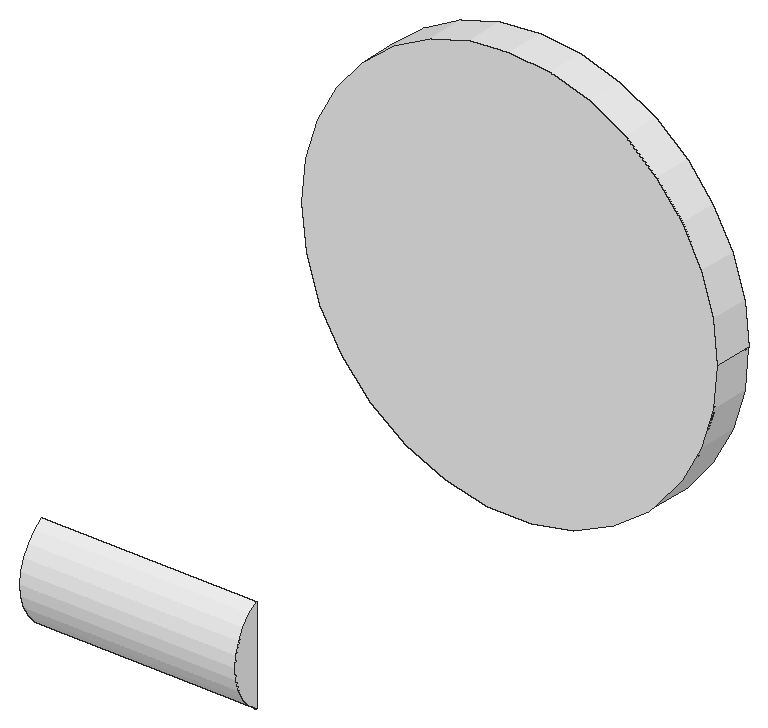
Revit family "Deca_Torneira para jardim e tanque com adaptador de mangueira_Torneira Uso Geral_1153.37", category Plumbing Fixtures, host Face, Revit 2019 (continued)
Lines and regions (mm)
  symbolic lines
    curve 342: line (0, -25.255, 107.553) -> (0, -23.47, 106.903)
    curve 343: line (0, -30.601, 79.702) -> (0, -32.577, 80.421)
    curve 344: line (0, -33.662, 78.9) -> (0, -35.448, 79.55)
    curve 345: line (0, -36.32, 79.271) -> (0, -44.544, 82.265)
    curve 346: line (0, -33.968, 111.32) -> (0, -25.744, 108.327)
    curve 347: line (0, -35.448, 79.55) -> (0, -25.255, 107.553)
    curve 348: line (0, -35.353, 110.803) -> (0, -45.272, 83.552)
    curve 349: line (0, -42.971, 91.334) -> (0, -38.593, 103.362)
    curve 350: line (0, -34.242, 110.568) -> (0, -26.024, 107.56)
    curve 351: line (0, -26.263, 106.907) -> (0, -34.487, 109.9)
    curve 352: line (0, -34.808, 109.523) -> (0, -26.257, 106.411)
    curve 353: line (0, -26.347, 106.162) -> (0, -34.898, 109.275)
    curve 354: line (0, -34.871, 108.849) -> (0, -26.63, 105.904)
    curve 355: line (0, -27.028, 104.817) -> (0, -35.252, 107.81)
    curve 356: line (0, -35.578, 107.406) -> (0, -27.027, 104.293)
    curve 357: line (0, -27.129, 104.015) -> (0, -35.68, 107.127)
    curve 358: line (0, -35.908, 106.501) -> (0, -27.356, 103.389)
    curve 359: line (0, -28.068, 101.977) -> (0, -36.291, 104.971)
    curve 360: line (0, -36.611, 104.569) -> (0, -28.06, 101.457)
    curve 361: line (0, -28.165, 101.168) -> (0, -36.716, 104.28)
    curve 362: line (0, -28.498, 100.252) -> (0, -36.995, 103.513)
    curve 363: line (0, -37.897, 101.376) -> (0, -29.174, 98.285)
    curve 364: line (0, -29.011, 97.996) -> (0, -38.107, 101.306)
    curve 365: line (0, -38.248, 100.071) -> (0, -29.697, 96.959)
    curve 366: line (0, -38.278, 99.545) -> (0, -30.054, 96.552)
    curve 367: line (0, -30.674, 94.86) -> (0, -38.897, 97.853)
    curve 368: line (0, -39.166, 97.548) -> (0, -30.615, 94.436)
    curve 369: line (0, -39.581, 96.41) -> (0, -31.03, 93.297)
    curve 370: line (0, -31.443, 92.758) -> (0, -39.667, 95.752)
    curve 371: line (0, -32.062, 91.066) -> (0, -40.286, 94.06)
    curve 372: line (0, -40.515, 93.841) -> (0, -31.964, 90.729)
    curve 373: line (0, -40.902, 92.778) -> (0, -32.351, 89.666)
    curve 374: line (0, -32.805, 89.037) -> (0, -41.029, 92.03)
    curve 375: line (0, -41.79, 90.34) -> (0, -33.293, 87.079)
    curve 376: line (0, -42.123, 89.425) -> (0, -33.572, 86.312)
    curve 377: line (0, -34.049, 85.641) -> (0, -42.273, 88.634)
    curve 378: line (0, -34.58, 84.19) -> (0, -42.768, 87.28)
    curve 379: line (0, -34.71, 83.186) -> (0, -43.261, 86.299)
    curve 380: line (0, -43.159, 86.577) -> (0, -34.608, 83.465)
    curve 381: line (0, -35.088, 82.801) -> (0, -43.312, 85.794)
    curve 382: line (0, -43.71, 84.706) -> (0, -35.469, 81.762)
    curve 383: line (0, -35.48, 81.069) -> (0, -44.031, 84.181)
    curve 384: line (0, -35.853, 80.711) -> (0, -44.077, 83.705)
    curve 385: line (0, -36.098, 80.043) -> (0, -44.316, 83.052)
    curve 386: line (0, -28.963, 97.66) -> (0, -38.36, 101.08)
    curve 387: arc (0, -25.255, 107.553) -> (0, -25.313, 108.068) -> (0, -25.759, 108.333) r 0.582
    curve 388: line (0, -23.47, 106.903) -> (0, -33.662, 78.9)
    curve 389: line (0, -23.633, 104.994) -> (0, -21.663, 104.277)
    curve 390: arc (0, -35.448, 79.55) -> (0, -35.836, 79.262) -> (0, -36.32, 79.271) r 0.748
    curve 391: line (0, -44.544, 82.265) -> (0, -45.272, 83.552)
    curve 392: line (0, -33.968, 111.32) -> (0, -35.353, 110.803)
    curve 393: line (0, -34.242, 110.568) -> (0, -44.316, 83.052)
    curve 394: line (0, -34.657, 110.783) -> (0, -44.656, 83.312)
    curve 395: line (0, -26.024, 107.56) -> (0, -36.098, 80.043)
    curve 396: line (0, -25.877, 92.699) -> (0, -30.622, 79.709)
    curve 397: arc (0, 10.127, 73.901) -> (0, -1.545, 90.161) -> (0, -19.464, 99.079) r 41.565
    curve 398: arc (0, -25.366, 81.223) -> (0, -18.679, 75.975) -> (0, -13.432, 69.289) r 35.505
    curve 399: arc (0, -13.432, 69.289) -> (0, -10.85, 62.777) -> (0, -10.56, 55.778) r 20.947
    curve 400: line (0, -10.56, 55.778) -> (0, -10.56, 10.459)
    curve 401: line (0, 26.329, 0) -> (0, -23.671, 0)
    curve 402: line (0, -25.366, 81.223) -> (0, -19.464, 99.079)
    curve 403: line (0, 7.49, 57.473) -> (0, 7.49, 52.236)
    curve 404: line (0, 7.49, 57.473) -> (0, 3.082, 61.171)
    curve 405: line (0, 7.49, 52.236) -> (0, 3.082, 47.829)
    curve 406: arc (0, 3.082, 61.171) -> (0, 2.091, 54.5) -> (0, 3.082, 47.829) r 22.947
    curve 407: arc (0, 3.082, 47.829) -> (0, 7.659, 40.232) -> (0, 12.523, 32.816) r 232.187
    curve 408: arc (0, 3.082, 61.171) -> (0, 5.932, 67.908) -> (0, 10.127, 73.901) r 34.816
    curve 409: arc (0, 20.329, 44.312) -> (0, 14.185, 48.722) -> (0, 7.49, 52.236) r 54.385
    curve 410: arc (0, 7.49, 57.473) -> (0, 14.208, 61.996) -> (0, 20.329, 67.3) r 66.748
    curve 411: arc (0, 7.49, 57.473) -> (0, 5.993, 54.855) -> (0, 7.49, 52.236) r 3.038
    curve 412: arc (0, 53.253, 66.8) -> (0, 47.753, 65.3) -> (0, 42.253, 66.8) r 10.834
    curve 413: arc (0, 53.752, 66.3) -> (0, 47.96, 64.874) -> (0, 42.167, 66.3) r 12.475
    curve 414: arc (0, 53.253, 42.8) -> (0, 47.753, 44.326) -> (0, 42.253, 42.8) r 10.678
    curve 415: arc (0, 53.753, 43.3) -> (0, 47.753, 44.725) -> (0, 41.753, 43.3) r 13.346
Dimensions and locks
  aligned and locked: plane 2 to host face
  aligned and locked: level to host face
Connectors
  piping at (0, 11.329, 0), diameter 15, driven by "Raio Água Fria"
    settings: on free form element, index 1, connector inside diameter 609.6 mm, connector length 0 mm, flow factor 0, pipe flow 0.0 L/s, pressure drop 0.0 Pa, fitting loss kfactor 0, connector angle 0.00°, fixture units 0, engagement length 0 mm, angle of deflection 0.00°, flow configuration 3, flow direction 1, fitting loss method 4, system type 20, joint type 0, gender type 0, connector reference index -1, connector utility 0, adjustable connector no, is connector primary yes, connector description ""
